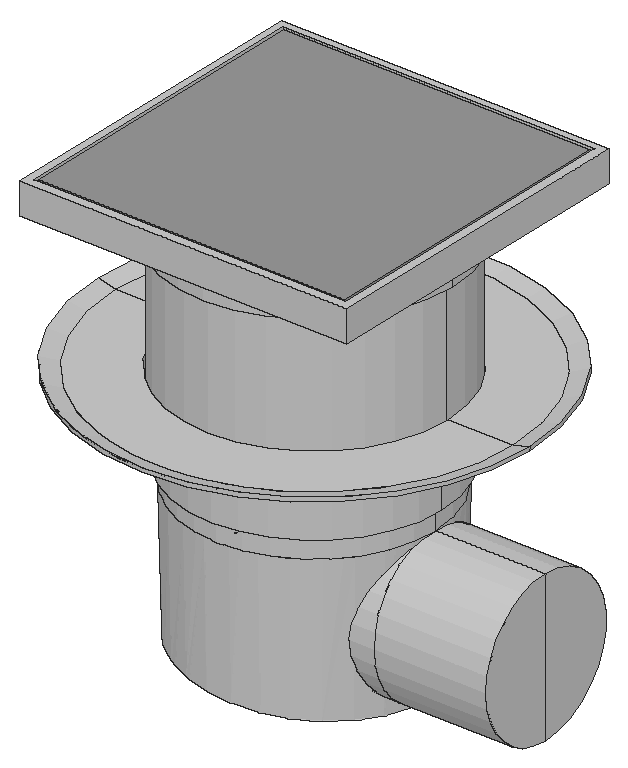
Revit family "HL_Дворовый трап серии Perfekt_HL615SW", category Instalační zařizovací předměty, Revit 2016
Family settings
  Typ součásti = Normální
  Kóta kulaté spojky = Použít průměr
  Číslo OmniClass = 23.70.50.21.24.14
  Nadpis OmniClass = Deck Waste Water Drains
  Založené na pracovní rovině = Ne
  Vždy vertikální = Ano
  Ořezat dutým tvarem při načtení = Ne
  Sdílené = Ne
  Bod výpočtu místnosti = Ano
Parameters
  РЕШЁТКА = "Edelstahl 226x226mm"
  РАЗМЕР = "DN110"
  ПРОПУСКНАЯ СПОСОБНОСТЬ [instance] = 0.0 L/s
  ПРОИЗВОДИТЕЛЬНОСТЬ = "2,5 l/s"
  ПРАВОВАЯ ИНФОРМАЦИЯ = "\"Copyright (©), design rights or any other intellectual property rights, shall be the exclusive property of HL Hutterer & Lechner GmbH. Modification is not allowed. Family has been watermarked.\""
  НОМИНАЛЬНЫЙ ДИАМЕТР = 110 mm
  НАСАДКА = "42-130mm/240x240mm"
  МАТЕРИАЛ = "PP"
  МАКСИМАЛЬНАЯ НАГРУЗКА КЛАССА = "L - 1,5 t"
  ВЫСОТА МОНТАЖА = "218 mm"
  ВЕС = "3,3 kg"
  Výrobce = "HL Hutterer & Lechner GmbH"
  URL = "http://www.hutterer-lechner.com/en/products/catalog/roof-drains/HL615SW.aspx"
  Материал плитка [instance] = none
  Připojení ventilace = no
  Připojení odpadu = yes
  Připojení HW = no
  Připojení CW = no
  Description = ""
  Model = "HL615SW"
  Assembly Code = " "
  Type Comments = "perfect-drain DN110 horizontal with flange, 240x240mm plastic/226x226mm stainless steel with trap seal"
  Keynote = "HL615SW"
  IH [instance] = Высота монтажа 1 + Высота монтажа 2  # 130 mm
  Высота монтажа 2 [instance] = 0 mm
  Высота монтажа 1 [instance] = 130 mm
  G [instance] = 90.00°  # constant formula
  EAN = "9003076011292"
  D [instance] = 170 mm
  C [instance] = if(IH - 68 mm < 0 mm, 0 mm, IH - 68 mm)  # 62 mm
  B [instance] = 134.4 mm + IH  # 264.4 mm
  A [instance] = if(B - 100 mm > 15 mm, B - 100 mm, 15 mm)  # 164.4 mm
Types (2, lengths in mm): name | ПРАВОВАЯ ИНФОРМАЦИЯ | URL | Description | Type Comments
  (no name) | "\"Copyright (©), design rights or any other intellectual property rights, shall be the exclusive property of HL Hutterer & Lechner GmbH. Modification is not allowed. Family has been watermarked.\"" | "http://www.hutterer-lechner.com/en/products/catalog/roof-drains/HL615SW.aspx" | "" | "perfect-drain DN110 horizontal with flange, 240x240mm plastic/226x226mm stainless steel with trap seal"
  HL_Дворовый трап серии Perfekt_HL615SW | "\"Авторские права(©), права на дизайн или какие либо другие права интелектуальной собственности являются исключительной собственностью компании HL Hutterer & Lechner. Изменению не подлежит. Файл семейства с данными о прозводителе изделия защищен паролем с водяным знаком.\"" | "http://www.hutterer-lechner.com/ru/products/catalog/roof-drains/HL615SW.aspx" | "Дворовый трап серии Perfekt DN110 горизонтальный выпуск" | "Дворовый трап серии Perfekt DN110 горизонтальный с обжимным фланцем, 240х240мм ПП/226х226мм нержавеющая сталь с водяным затвором."
Reference planes
  plane 1 "Center (Front/Back)": y = 0
  plane 2: z = 0
  plane 3 "Center (Left/Right)": x = 0
  plane 4: z = -264.4
  plane 5: z = -130
  plane 6: z = -130
Lines and regions (mm)
  model lines, style "InvisibleLines"
    curve 1: line (0, 0, 0) -> (0, 0, 20)
  model lines, style "PlumbingFixtures", detail levels coarse+medium
    curve 2: line (0, 0, -264.4) -> (0, 0, -100)
    curve 3: line (0, 0, -100) -> (-100, 0, 0)
    curve 4: line (0, 0, -100) -> (100, 0, 0)
    curve 6: line (0, 0, -264.4) -> (170, 0, -264.4)
  reference lines, not visible
    curve 5: line (0, 0, -264.4) -> (170, 0, -264.4)
  symbolic lines, style "PlumbingFixtures", detail levels coarse+medium
    curve 7: line (-75, 75, 0) -> (75, 75, 0)
    curve 8: line (-75, -75, 0) -> (-75, 75, 0)
    curve 9: line (75, -75, 0) -> (-75, -75, 0)
    curve 10: line (75, 75, 0) -> (75, -75, 0)
    curve 11: line (-75, 75, 0) -> (-145.711, 145.711, 0)
    curve 12: line (75, 75, 0) -> (145.711, 145.711, 0)
    curve 13: line (-75, -75, 0) -> (-145.711, -145.711, 0)
    curve 14: line (75, -75, 0) -> (145.711, -145.711, 0)
  symbolic lines, style "PlumbingFixtures", not visible, detail levels coarse+medium
    curve 15: line (-75, 75, 0) -> (75, 75, 0)
    curve 16: line (-75, -75, 0) -> (-75, 75, 0)
    curve 17: line (75, -75, 0) -> (-75, -75, 0)
    curve 18: line (75, 75, 0) -> (75, -75, 0)
    curve 19: line (-75, 75, 0) -> (-145.711, 145.711, 0)
    curve 20: line (75, 75, 0) -> (145.711, 145.711, 0)
    curve 21: line (-75, -75, 0) -> (-145.711, -145.711, 0)
    curve 22: line (75, -75, 0) -> (145.711, -145.711, 0)
Text (mm)
  text "FLOOR" at (-162.344, 0, -10.979), in view "Слева"
Dimensions and locks
  "B": plane 2 to plane 4
  "IH": plane 2 to plane 5
  "A": curve 4 to plane 4
  "D": curve 5 to curve 5
  "D": curve 6 to curve 6
  "Высота монтажа 1": plane 2 to plane 6
  locked: curve 4 to plane 3 "Center (Left/Right)" (angle 45.00°)
  locked: plane 3 "Center (Left/Right)" to curve 3 (angle 45.00°)
  "G": angle curve 5 to plane 3 "Center (Left/Right)"
  aligned and locked: level to plane 2
  aligned and locked: plane 2 to curve 4
  aligned and locked: plane 2 to curve 3
  aligned and locked: plane 4 to curve 5
  aligned and locked: curve 5 to plane 3 "Center (Left/Right)"
  aligned and locked: plane 4 to curve 2
  aligned and locked: plane 3 "Center (Left/Right)" to curve 6
  aligned and locked: curve 6 to plane 4
  aligned and locked: nested 2 to plane 3 "Center (Left/Right)"
  aligned and locked: nested 2 to plane 5
  aligned and locked: plane 3 "Center (Left/Right)" to nested 1
  aligned and locked: plane 2 to nested 1
  aligned and locked: plane 3 "Center (Left/Right)" to nested 3
  aligned and locked: nested 3 to nested 1
  aligned and locked: nested 4 to plane 3 "Center (Left/Right)"
  aligned and locked: nested 4 to nested 2
Automatic sketch dimensions
  plane 3 "Center (Left/Right)" to curve 2 = 0 mm
  curve 1 to plane 3 "Center (Left/Right)" = 0 mm
  curve 1 to level = 0 mm
  level to curve 1 = 20 mm
Nested families
  nested 1: "HL-Надставные элементы-HL622" at (0, 0, 0), Высота монтажа <- "Высота монтажа 1", type "HL-Надставные элементы-HL622"
    with Высота монтажа 130 mm, a 100 mm, Ihmin 42 mm, Ihmax 130 mm
  nested 2: "HL-кровельные воронки - корпус-HL615K" at (0, 0, -130), type "HL-кровельные воронки - корпус-HL615K"
  nested 3: "HL-Песколовка-HL0606.2E" at (0, 0, -22.999), type "HL-Песколовка-HL0606.2E"
  nested 4: "HL-Вкладыш запахозапирающий-HL0605.2E" at (0, 0, -190.162), type "HL-Вкладыш запахозапирающий-HL0605.2E"
Connectors
  piping at (170, 0, -264.4), diameter 110, driven by "ПРОПУСКНАЯ СПОСОБНОСТЬ", driven by "НОМИНАЛЬНЫЙ ДИАМЕТР"
    settings: on curve 5, index 1, connector inside diameter 609.6 mm, connector length 0 mm, flow factor 0, pipe flow 0.0 L/s, pressure drop 0.0 Pa, fitting loss kfactor 0, connector angle 0.00°, fixture units 0, engagement length 0 mm, angle of deflection 0.00°, flow configuration 1, flow direction 2, fitting loss method 0, system type 16, joint type 0, gender type 0, connector reference index -1, connector utility 0, adjustable connector yes, is connector primary yes, connector description ""
Definition of nested family "HL-Надставные элементы-HL622"
  Parameters
    РЕШЁТКА = ""
    РАЗМЕР = ""
    ПРАВОВАЯ ИНФОРМАЦИЯ = ""
    НАСАДКА = ""
    МАТЕРИАЛ = ""
    МАКСИМАЛЬНАЯ НАГРУЗКА КЛАССА = ""
    ВЫСОТА МОНТАЖА = ""
    ВЕС = ""
    a [instance] = if(Высота монтажа < Ihmin, -10 mm, if(Высота монтажа > Ihmax, -10 mm, Высота монтажа - 30 mm))  # 100 mm
    Manufacturer = ""
    URL = ""
    Description = ""
    Model = ""
    материал 2 = none
    материал = none
    Type Comments = ""
    Keynote = ""
    Высота монтажа [instance] = 130 mm
    Ihmin [instance] = 42 mm
    Ihmax [instance] = 130 mm
    EAN = ""
    Cost = 0
  Types (2, lengths in mm): name | РЕШЁТКА | РАЗМЕР | ПРАВОВАЯ ИНФОРМАЦИЯ | НАСАДКА | МАТЕРИАЛ | МАКСИМАЛЬНАЯ НАГРУЗКА КЛАССА | ВЫСОТА МОНТАЖА | ВЕС | Manufacturer | URL | Description | Model | Type Comments | Keynote | EAN
    (no name) | "" | "" | "" | "" | "" | "" | "" | "" | "" | "" | "" | "" | "" | "" | ""
    HL-Надставные элементы-HL622 | "Edelstahl 226x226mm" | "d 195mm" | "\"Авторские права(©), права на дизайн или какие либо другие права интелектуальной собственности являются исключительной собственностью компании HL Hutterer & Lechner. Изменению не подлежит. Файл семейства с данными о прозводителе изделия защищен паролем с водяным знаком.\"" | "240x240mm" | "PP, Edelstahl (V2A)" | "L - 1,5 t" | "144 mm" | "2,22 [kg]" | "HL Hutterer & Lechner GmbH" | "http://www.hutterer-lechner.com/ru/products/catalog/roof-drains/HL622.aspx" | "Надставные элементы" | "HL622" | "Насадка d 195мм/240х240мм/226х226мм высококачественная сталь" | "HL622" | "9003076014705"
  Reference planes
    plane 1 "Střed (vpředu/vzadu)": y = 0
    plane 2: z = 0
    plane 3 "Střed (vlevo/vpravo)": x = 0
    plane 4: z = -45
    plane 5: z = -145
  Forms (mm)
    Extrusion 1, solid, material <- "материал", detail levels fine
      sketch origin (0, 0, 0) x (1, 0, 0) y (0, 1, 0)
        loop
          line (-112.5, 112.5) -> (-112.5, -112.5) -> (112.5, -112.5) -> (112.5, 112.5) -> (-112.5, 112.5)
      from 0 to -20
    Extrusion 2, solid, material <- "материал 2", detail levels fine
      sketch origin (0, 0, 0) x (1, 0, 0) y (0, 1, 0)
        loop
          line (114.5, -114.5) -> (114.5, 114.5) -> (-114.5, 114.5) -> (-114.5, -114.5) -> (114.5, -114.5)
        loop
          line (-120, 120) -> (-120, -120) -> (120, -120) -> (120, 120) -> (-120, 120)
      from 0 to -20
    Extrusion 3, solid, material <- "материал 2", detail levels fine
      sketch origin (0, 0, 0) x (1, 0, 0) y (0, 1, 0)
        loop
          line (120, -120) -> (120, 120) -> (-120, 120) -> (-120, -120) -> (120, -120)
      from -20 to -23
    Revolve 4, solid, material <- "материал 2", detail levels fine
      sketch origin (0, 0, 0) x (1, 0, 0) y (0, 0, 1)
        loop
          line (0, -23) -> (-101.5, -23) -> (-101.5, -45) -> (0, -45) -> (0, -23)
        axis (0, -45) -> (0, -23)
      angle from 0 to 360
    Revolve 5, solid, material <- "материал 2", detail levels fine
      sketch origin (0, 0, 0) x (1, 0, 0) y (0, 0, 1)
        loop
          line (0, -45) -> (0, -145) -> (97.213, -145) -> (97.213, -45) -> (0, -45)
        axis (0, -45) -> (0, -145)
      angle from 0 to 360
  Cuts and joins
    joined: Extrusion 2, Extrusion 3
  Lines and regions (mm)
    model lines, detail levels fine
      curve 1: line (10.96, 46.315, 0) -> (45.608, 80.964, 0)
      curve 2: line (56.215, 70.357, 0) -> (21.567, 35.709, 0)
      curve 3: line (35.709, 21.567, 0) -> (70.357, 56.215, 0)
      curve 4: line (80.964, 45.608, 0) -> (46.315, 10.96, 0)
      curve 5: line (92, 7.5, 0) -> (72.5, 7.5, 0)
      curve 6: line (92, -7.5, 0) -> (72.5, -7.5, 0)
      curve 7: arc (92, -7.5, 0) -> (99.5, 0, 0) -> (92, 7.5, 0) r 7.5
      curve 8: arc (72.5, -7.5, 0) -> (65, 0, 0) -> (72.5, 7.5, 0) r 7.5
      curve 9: arc (80.964, 45.608, 0) -> (80.964, 56.215, 0) -> (70.357, 56.215, 0) r 7.5
      curve 10: arc (56.215, 70.357, 0) -> (56.215, 80.964, 0) -> (45.608, 80.964, 0) r 7.5
      curve 11: arc (21.567, 35.709, 0) -> (10.96, 35.709, 0) -> (10.96, 46.315, 0) r 7.5
      curve 12: arc (46.315, 10.96, 0) -> (35.709, 10.96, 0) -> (35.709, 21.567, 0) r 7.5
      curve 13: line (7.5, 92, 0) -> (7.5, 72.5, 0)
      curve 14: line (-7.5, 92, 0) -> (-7.5, 72.5, 0)
      curve 15: arc (-7.5, 92, 0) -> (0, 99.5, 0) -> (7.5, 92, 0) r 7.5
      curve 16: arc (-7.5, 72.5, 0) -> (0, 65, 0) -> (7.5, 72.5, 0) r 7.5
      curve 17: line (7.5, -92, 0) -> (7.5, -72.5, 0)
      curve 18: line (-7.5, -92, 0) -> (-7.5, -72.5, 0)
      curve 19: arc (-7.5, -92, 0) -> (0, -99.5, 0) -> (7.5, -92, 0) r 7.5
      curve 20: arc (-7.5, -72.5, 0) -> (0, -65, 0) -> (7.5, -72.5, 0) r 7.5
      curve 21: line (92, -7.5, 0) -> (72.5, -7.5, 0)
      curve 22: line (92, 7.5, 0) -> (72.5, 7.5, 0)
      curve 23: arc (92, 7.5, 0) -> (99.5, 0, 0) -> (92, -7.5, 0) r 7.5
      curve 24: arc (72.5, 7.5, 0) -> (65, 0, 0) -> (72.5, -7.5, 0) r 7.5
      curve 25: line (-92, -7.5, 0) -> (-72.5, -7.5, 0)
      curve 26: arc (-92, -7.5, 0) -> (-99.5, 0, 0) -> (-92, 7.5, 0) r 7.5
      curve 27: arc (-72.5, -7.5, 0) -> (-65, 0, 0) -> (-72.5, 7.5, 0) r 7.5
      curve 28: line (-92, -7.5, 0) -> (-72.5, -7.5, 0)
      curve 29: line (-92, 7.5, 0) -> (-72.5, 7.5, 0)
      curve 30: arc (-92, 7.5, 0) -> (-99.5, 0, 0) -> (-92, -7.5, 0) r 7.5
      curve 31: arc (-72.5, 7.5, 0) -> (-65, 0, 0) -> (-72.5, -7.5, 0) r 7.5
      curve 32: line (-10.96, 46.315, 0) -> (-45.608, 80.964, 0)
      curve 33: line (-56.215, 70.357, 0) -> (-21.567, 35.709, 0)
      curve 34: line (-35.709, 21.567, 0) -> (-70.357, 56.215, 0)
      curve 35: line (-80.964, 45.608, 0) -> (-46.315, 10.96, 0)
      curve 36: arc (-80.964, 45.608, 0) -> (-80.964, 56.215, 0) -> (-70.357, 56.215, 0) r 7.5
      curve 37: arc (-56.215, 70.357, 0) -> (-56.215, 80.964, 0) -> (-45.608, 80.964, 0) r 7.5
      curve 38: arc (-21.567, 35.709, 0) -> (-10.96, 35.709, 0) -> (-10.96, 46.315, 0) r 7.5
      curve 39: arc (-46.315, 10.96, 0) -> (-35.709, 10.96, 0) -> (-35.709, 21.567, 0) r 7.5
      curve 40: line (10.96, -46.315, 0) -> (45.608, -80.964, 0)
      curve 41: line (56.215, -70.357, 0) -> (21.567, -35.709, 0)
      curve 42: line (35.709, -21.567, 0) -> (70.357, -56.215, 0)
      curve 43: line (80.964, -45.608, 0) -> (46.315, -10.96, 0)
      curve 44: arc (80.964, -45.608, 0) -> (80.964, -56.215, 0) -> (70.357, -56.215, 0) r 7.5
      curve 45: arc (56.215, -70.357, 0) -> (56.215, -80.964, 0) -> (45.608, -80.964, 0) r 7.5
      curve 46: arc (21.567, -35.709, 0) -> (10.96, -35.709, 0) -> (10.96, -46.315, 0) r 7.5
      curve 47: arc (46.315, -10.96, 0) -> (35.709, -10.96, 0) -> (35.709, -21.567, 0) r 7.5
      curve 48: line (-10.96, -46.315, 0) -> (-45.608, -80.964, 0)
      curve 49: line (-56.215, -70.357, 0) -> (-21.567, -35.709, 0)
      curve 50: line (-35.709, -21.567, 0) -> (-70.357, -56.215, 0)
      curve 51: line (-80.964, -45.608, 0) -> (-46.315, -10.96, 0)
      curve 52: arc (-80.964, -45.608, 0) -> (-80.964, -56.215, 0) -> (-70.357, -56.215, 0) r 7.5
      curve 53: arc (-56.215, -70.357, 0) -> (-56.215, -80.964, 0) -> (-45.608, -80.964, 0) r 7.5
      curve 54: arc (-21.567, -35.709, 0) -> (-10.96, -35.709, 0) -> (-10.96, -46.315, 0) r 7.5
      curve 55: arc (-46.315, -10.96, 0) -> (-35.709, -10.96, 0) -> (-35.709, -21.567, 0) r 7.5
  Dimensions and locks
    plane 2 to plane 4 = 45 mm
    "a": plane 4 to Revolve 5 sketch curve
    plane 2 to plane 5 = 145 mm
    aligned and locked: level to plane 2
    aligned and locked: plane 4 to Revolve 5 sketch curve
  Automatic sketch dimensions
    curve 7 to curve 23 = 0 mm  (x2)
    curve 8 to curve 24 = 0 mm  (x2)
    curve 26 to curve 30 = 0 mm  (x2)
    curve 27 to curve 31 = 0 mm  (x2)
    plane 1 "Střed (vpředu/vzadu)" to curve 26 = 0 mm
    curve 16 to plane 3 "Střed (vlevo/vpravo)" = 0 mm
    curve 20 to plane 3 "Střed (vlevo/vpravo)" = 0 mm
    plane 1 "Střed (vpředu/vzadu)" to curve 24 = 0 mm
    curve 18 to plane 3 "Střed (vlevo/vpravo)" = 7.5 mm
    curve 14 to plane 3 "Střed (vlevo/vpravo)" = 7.5 mm
    curve 32 to plane 3 "Střed (vlevo/vpravo)" = 10.96 mm
    curve 48 to plane 3 "Střed (vlevo/vpravo)" = 10.96 mm
    curve 54 to curve 54 = 5.303 mm  (x2)
    curve 38 to curve 38 = 5.303 mm  (x2)
    curve 49 to curve 54 = 5.303 mm
    curve 33 to curve 38 = 5.303 mm
    curve 34 to curve 33 = 14.142 mm
    curve 50 to curve 49 = 14.142 mm
    curve 39 to curve 34 = 5.303 mm
    curve 55 to curve 50 = 5.303 mm
    curve 48 to curve 20 = 38.108 mm
    curve 32 to curve 14 = 38.108 mm
    curve 35 to plane 1 "Střed (vpředu/vzadu)" = 10.96 mm
    curve 35 to curve 39 = 5.303 mm
    plane 1 "Střed (vpředu/vzadu)" to curve 51 = 10.96 mm
    curve 51 to curve 55 = 5.303 mm
    curve 53 to curve 48 = 5.303 mm
    curve 37 to curve 32 = 5.303 mm
    curve 49 to curve 53 = 5.303 mm
    curve 33 to curve 37 = 5.303 mm  (x2)
    curve 34 to curve 37 = 14.142 mm
    curve 50 to curve 53 = 14.142 mm
    curve 27 to curve 39 = 26.185 mm
    curve 36 to curve 34 = 5.303 mm
    curve 52 to curve 50 = 5.303 mm
    curve 35 to plane 1 "Střed (vpředu/vzadu)" = 45.608 mm
    curve 35 to curve 36 = 5.303 mm  (x2)
    plane 1 "Střed (vpředu/vzadu)" to curve 51 = 45.608 mm
    curve 51 to curve 52 = 5.303 mm
    plane 1 "Střed (vpředu/vzadu)" to curve 28 = 7.5 mm
    curve 28 to curve 25 = 19.5 mm
    plane 3 "Střed (vlevo/vpravo)" to curve 1 = 10.96 mm
    plane 3 "Střed (vlevo/vpravo)" to curve 40 = 10.96 mm
    curve 11 to curve 11 = 5.303 mm
    curve 46 to curve 46 = 5.303 mm  (x2)
    curve 11 to curve 2 = 5.303 mm
    curve 46 to curve 41 = 5.303 mm
    curve 2 to curve 3 = 14.142 mm
    curve 41 to curve 42 = 14.142 mm  (x3)
    curve 42 to curve 47 = 5.303 mm
    curve 3 to curve 12 = 5.303 mm
    curve 13 to curve 1 = 38.108 mm
    curve 17 to curve 40 = 38.108 mm
    plane 1 "Střed (vpředu/vzadu)" to curve 43 = 10.96 mm
    curve 47 to curve 43 = 5.303 mm
    curve 4 to plane 1 "Střed (vpředu/vzadu)" = 10.96 mm
    curve 12 to curve 4 = 5.303 mm
    curve 1 to curve 10 = 5.303 mm
    curve 40 to curve 45 = 5.303 mm
    curve 45 to curve 41 = 5.303 mm  (x2)
    curve 10 to curve 2 = 5.303 mm
    curve 10 to curve 3 = 14.142 mm
    curve 43 to curve 24 = 26.185 mm
    curve 42 to curve 44 = 5.303 mm
    curve 3 to curve 9 = 5.303 mm
    plane 1 "Střed (vpředu/vzadu)" to curve 43 = 45.608 mm
    curve 44 to curve 43 = 5.303 mm
    curve 4 to plane 1 "Střed (vpředu/vzadu)" = 45.608 mm
    curve 9 to curve 4 = 5.303 mm
    curve 5 to plane 1 "Střed (vpředu/vzadu)" = 7.5 mm
    curve 22 to curve 5 = 19.5 mm
    plane 1 "Střed (vpředu/vzadu)" to curve 48 = 46.315 mm
    curve 48 to curve 40 = 0 mm
    curve 52 to curve 52 = 5.303 mm
    curve 44 to curve 44 = 5.303 mm
    curve 49 to curve 50 = 14.142 mm
    curve 17 to curve 40 = 26.185 mm
    curve 53 to curve 49 = 5.303 mm
    curve 17 to curve 20 = 19.5 mm
    curve 42 to curve 47 = 10.607 mm
    curve 50 to curve 51 = 10.607 mm
    curve 4 to curve 12 = 5.303 mm
    curve 39 to curve 39 = 5.303 mm
    curve 39 to curve 33 = 14.142 mm
    curve 12 to curve 2 = 14.142 mm
    curve 2 to curve 11 = 5.303 mm
    curve 9 to curve 9 = 5.303 mm
    curve 3 to curve 2 = 14.142 mm
    curve 36 to curve 33 = 14.142 mm
    curve 11 to curve 13 = 26.185 mm
    curve 2 to curve 10 = 5.303 mm
    curve 14 to curve 14 = 19.5 mm
    Extrusion 1 sketch curve to plane 3 "Střed (vlevo/vpravo)" = 112.5 mm
    plane 3 "Střed (vlevo/vpravo)" to Extrusion 1 sketch curve = 112.5 mm
    plane 1 "Střed (vpředu/vzadu)" to Extrusion 1 sketch curve = 112.5 mm
    Extrusion 1 sketch curve to plane 1 "Střed (vpředu/vzadu)" = 112.5 mm
    Extrusion 2 sketch curve to plane 3 "Střed (vlevo/vpravo)" = 120 mm
    Extrusion 2 sketch curve to Extrusion 2 sketch curve = 5.5 mm  (x4)
    plane 3 "Střed (vlevo/vpravo)" to Extrusion 2 sketch curve = 114.5 mm
    plane 1 "Střed (vpředu/vzadu)" to Extrusion 2 sketch curve = 120 mm
    Extrusion 2 sketch curve to plane 1 "Střed (vpředu/vzadu)" = 114.5 mm
    Extrusion 3 sketch curve to plane 3 "Střed (vlevo/vpravo)" = 120 mm
    plane 3 "Střed (vlevo/vpravo)" to Extrusion 3 sketch curve = 120 mm
    plane 1 "Střed (vpředu/vzadu)" to Extrusion 3 sketch curve = 120 mm
    Extrusion 3 sketch curve to plane 1 "Střed (vpředu/vzadu)" = 120 mm
    Revolve 4 sketch curve to plane 4 = 0 mm
    Revolve 4 sketch curve to plane 3 "Střed (vlevo/vpravo)" = 0 mm  (x2)
    plane 4 to Revolve 4 sketch curve = 22 mm
    Revolve 4 sketch curve to plane 3 "Střed (vlevo/vpravo)" = 101.5 mm
    level to Revolve 4 sketch curve = 32 mm
    Revolve 4 sketch curve to Revolve 4 sketch curve = 90 mm
    Revolve 5 sketch curve to plane 3 "Střed (vlevo/vpravo)" = 0 mm  (x2)
    plane 3 "Střed (vlevo/vpravo)" to Revolve 5 sketch curve = 97.213 mm
    Revolve 5 sketch curve to plane 5 = 38.999 mm
    Revolve 5 sketch curve to Revolve 5 sketch curve = 52 mm
Definition of nested family "HL-кровельные воронки - корпус-HL615K"
  Parameters
    РАЗМЕР = ""
    ПРАВОВАЯ ИНФОРМАЦИЯ = ""
    МАТЕРИАЛ = ""
    ВЫСОТА МОНТАЖА = ""
    ВЕС = ""
    Manufacturer = ""
    URL = ""
    Description = ""
    Model = ""
    материал = none
    Type Comments = ""
    Keynote = ""
    EAN = ""
    Cost = 0
  Types (2, lengths in mm): name | РАЗМЕР | ПРАВОВАЯ ИНФОРМАЦИЯ | МАТЕРИАЛ | ВЫСОТА МОНТАЖА | ВЕС | Manufacturer | URL | Description | Model | Type Comments | Keynote | EAN
    (no name) | "" | "" | "" | "" | "" | "" | "" | "" | "" | "" | "" | ""
    HL-кровельные воронки - корпус-HL615K | "DN110" | "\"Авторские права(©), права на дизайн или какие либо другие права интелектуальной собственности являются исключительной собственностью компании HL Hutterer & Lechner. Изменению не подлежит. Файл семейства с данными о прозводителе изделия защищен паролем с водяным знаком.\"" | "PP" | "190 mm" | "0,718 kg" | "HL Hutterer & Lechner GmbH" | "http://www.hutterer-lechner.com/ru/products/catalog/roof-drains/HL615K.aspx" | "Дворовый трап серии Perfekt DN110 горизонтальный выпуск" | "HL615K" | "Корпус дворового трапа серии Perfekt DN110 горизонтальный с обжимным фланцем." | "HL615K" | "9003076012879"
  Reference planes
    plane 1 "Střed (vpředu/vzadu)": y = 0
    plane 2: z = 0
    plane 3 "Střed (vlevo/vpravo)": x = 0
  Forms (mm)
    Revolve 1, solid, material <- "материал", detail levels fine
      sketch origin (0, 0, 16.838) x (1, 0, 0) y (0, 0, 1)
        loop
          line (-102.992, -29.032) -> (-102.992, -49.657) -> (-93.991, -49.657) -> (-93.991, -81.233) -> (-89.525, -81.233) -> (-89.525, -96.233) -> (-87.601, -206.46) -> (0, -206.46) -> (0, -142.233) -> (-85.48, -142.233) -> (-85.48, -77) -> (-90.064, -77) -> (-90.064, -42) -> (-98.519, -42) -> (-98.519, -20.158) -> (-146.118, -20.158) -> (-158.507, -16.838) -> (-158.507, -19.787) -> (-146.081, -23.116) -> (-137.541, -23.116) -> (-137.541, -29.032) -> (-102.992, -29.032)
        axis (0, -16.838) -> (0, -206.46)
      angle from 0 to 360
    Extrusion 2, void
      sketch origin (0, 0, 16.838) x (1, 0, 0) y (0, 0, 1)
        loop
          line (101.097, -207.584) -> (-103.425, -190.313) -> (-103.425, -230.313) -> (101.097, -230.313) -> (101.097, -207.584)
      from -118.5 to 100
    Revolve 3, solid, material <- "материал", detail levels fine
      sketch origin (0, 0, 16.838) x (1, 0, 0) y (0, 0, 1)
        loop
          line (170, -151.233) -> (52.576, -151.233) -> (52.576, -206.233) -> (87.576, -206.233) -> (170, -206.233) -> (170, -151.233)
        axis (52.576, -151.233) -> (170, -151.233)
      angle from 0 to 360
    Extrusion 4, void
      sketch origin (0, 0, 16.838) x (1, 0, 0) y (0, 1, 0)
        loop
          line (53.489, 64) -> (-15, 64) -> (-15, 82.049)
          arc (-15, 82.049) -> (-83.409, 0) -> (-15, -82.049) r 83.409
          line (-15, -82.049) -> (-15, -64) -> (53.489, -64)
          arc (53.489, -64) -> (83.409, 0) -> (53.489, 64) r 83.409
      from -186.135 to -66.314
    Extrusion 5, void
      sketch origin (400, 0, 16.838) x (1, 0, 0) y (0, 1, 0)
        loop
          line (-343.274, 64) -> (-415, 64) -> (-415, -64) -> (-344.352, -64)
          arc (-344.352, -64) -> (-313.891, -0.252) -> (-343.274, 64) r 83.409
      from -186.135 to -66.314
  Cuts and joins
    Extrusion 2, Extrusion 4 cuts Revolve 1
    Extrusion 2, Extrusion 5 cuts Revolve 3
  Dimensions and locks
    aligned and locked: level to plane 2
Definition of nested family "HL-Песколовка-HL0606.2E"
  Parameters (values of type "HL-Песколовка-HL0606.2E")
    ПРАВОВАЯ ИНФОРМАЦИЯ = "\"Авторские права(©), права на дизайн или какие либо другие права интелектуальной собственности являются исключительной собственностью компании HL Hutterer & Lechner. Изменению не подлежит. Файл семейства с данными о прозводителе изделия защищен паролем с водяным знаком.\""
    МАТЕРИАЛ = "PP"
    ВЕС = "0,09 kg"
    Manufacturer = "HL Hutterer & Lechner GmbH"
    URL = "http://www.hutterer-lechner.com/ru/products/catalog/roof-drains/HL0606.2E.aspx"
    Description = "Песколовка"
    Model = "HL0606.2E"
    материал = none
    Type Comments = "Песколовка"
    Keynote = "HL0606.2E"
    EAN = "9003076060627"
    Cost = 0
  Values of the unnamed type that differ from the named types
    ПРАВОВАЯ ИНФОРМАЦИЯ = ""
    МАТЕРИАЛ = ""
    ВЕС = ""
    Manufacturer = ""
    URL = ""
    Description = ""
    Model = ""
    Type Comments = ""
    Keynote = ""
    EAN = ""
  Reference planes
    plane 1 "Střed (vpředu/vzadu)": y = 0
    plane 2: z = 0
    plane 3 "Střed (vlevo/vpravo)": x = 0
  Forms (mm)
    Revolve 1, solid, material <- "материал", detail levels fine
      sketch origin (0, 0, 0) x (1, 0, 0) y (0, 0, 1)
        loop
          line (0, -55.952) -> (0, -58.018) -> (57.601, -56.006)
          arc (57.601, -56.006) -> (65.932, -53.053) -> (69.532, -44.98) r 11.208
          line (69.532, -44.98) -> (72.482, -41.586) -> (75.031, -12.448) -> (75.865, -6.515)
          arc (75.865, -6.515) -> (76.428, -5.156) -> (77.786, -4.594) r 1.921
          line (77.786, -4.594) -> (95.979, -3.002) -> (95.979, -0.001) -> (73.246, -1.99) -> (69.436, -41.391) -> (67.501, -43.326)
          arc (67.501, -43.326) -> (65.111, -51.02) -> (57.603, -53.94) r 9.273
          line (57.603, -53.94) -> (0, -55.952)
        axis (0, -58.018) -> (0, -0.001)
      angle from 0 to 360
  Dimensions and locks
    aligned and locked: level to plane 2
Definition of nested family "HL-Вкладыш запахозапирающий-HL0605.2E"
  Parameters
    ПРАВОВАЯ ИНФОРМАЦИЯ = ""
    МАТЕРИАЛ = ""
    ВЕС = ""
    Manufacturer = ""
    URL = ""
    Description = ""
    Model = ""
    материал 2 = none
    материал = none
    Type Comments = ""
    Keynote = ""
    EAN = ""
    Cost = 0
  Types (2, lengths in mm): name | ПРАВОВАЯ ИНФОРМАЦИЯ | МАТЕРИАЛ | ВЕС | Manufacturer | URL | Description | Model | Type Comments | Keynote | EAN
    (no name) | "" | "" | "" | "" | "" | "" | "" | "" | "" | ""
    HL-Вкладыш запахозапирающий-HL0605.2E | "\"Авторские права(©), права на дизайн или какие либо другие права интелектуальной собственности являются исключительной собственностью компании HL Hutterer & Lechner. Изменению не подлежит. Файл семейства с данными о прозводителе изделия защищен паролем с водяным знаком.\"" | "PP" | "0,192 kg" | "HL Hutterer & Lechner GmbH" | "http://www.hutterer-lechner.com/ru/products/catalog/roof-drains/HL0605.2E.aspx" | "Вкладыш запахозапирающий" | "HL0605.2E" | "Вкладыш водяного затвора комплектный" | "HL0605.2E" | "9003076009725"
  Reference planes
    plane 1 "Střed (vpředu/vzadu)": y = 0
    plane 2: z = 0
    plane 3 "Střed (vlevo/vpravo)": x = 0
  Forms (mm)
    Revolve 1, solid, material <- "материал 2", detail levels fine
      sketch origin (0, 0, 0) x (1, 0, 0) y (0, 0, 1)
        loop
          line (88, -3) -> (88, 0) -> (82.921, 0) -> (82.921, -1.338) -> (78.867, -6.169) -> (78.867, -19.629) -> (76.315, -48.796)
          arc (76.315, -48.796) -> (75.558, -51.125) -> (73.796, -52.827) r 5.066
          line (73.796, -52.827) -> (58.029, -61.938) -> (58.029, -93.034) -> (53.399, -98) -> (41.859, -98) -> (41.859, -83.043) -> (45.35, -83.043) -> (45.35, -33) -> (29.878, -33) -> (29.878, -100) -> (52.94, -100)
          arc (52.94, -100) -> (57.932, -97.932) -> (60, -92.939) r 7.061
          line (60, -92.939) -> (60, -65.894)
          arc (60, -65.894) -> (60.671, -63.394) -> (62.5, -61.564) r 5.003
          line (62.5, -61.564) -> (74.706, -54.511)
          arc (74.706, -54.511) -> (77.106, -52.212) -> (78.174, -49.065) r 6.994
          line (78.174, -49.065) -> (81.088, -15.754) -> (83.996, -15.499) -> (83.996, -12.378)
          arc (83.996, -12.378) -> (85.775, -10) -> (83.996, -7.623) r 2.478
          line (83.996, -7.623) -> (83.996, -3) -> (88, -3)
        axis (0, 0) -> (0, -100)
      angle from 0 to 360
    Revolve 2, solid, material <- "материал", detail levels fine
      sketch origin (0, 0, 0) x (1, 0, 0) y (0, 0, 1)
        loop
          line (47.229, -83.043) -> (47.229, -28.043)
          arc (47.229, -28.043) -> (43.63, -19.353) -> (34.94, -15.754) r 12.289
          line (34.94, -15.754) -> (0, -15.754) -> (0, -48.796) -> (45.35, -48.796) -> (45.35, -83.043) -> (47.229, -83.043)
        axis (0, -83.043) -> (0, -15.754)
      angle from 0 to 360
  Dimensions and locks
    aligned and locked: level to plane 2
